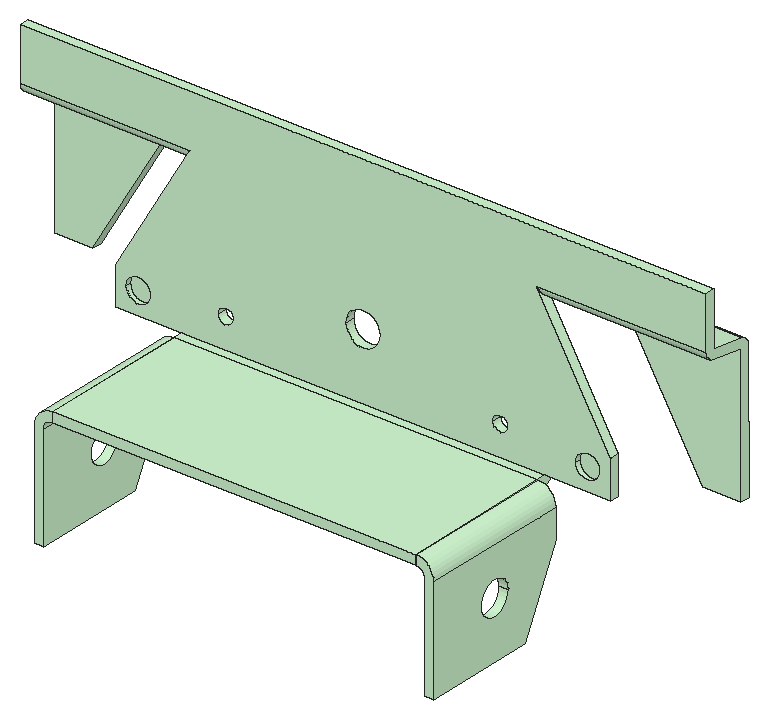
Revit family "ソエルWカバー", category 機械設備, Revit 2020
Family settings
  丸型コネクタ寸法 = 直径を使用
  種別 = なし
  パーツ タイプ = 標準
  作業面ベース = いいえ
  常に垂直 = はい
  ロード時にボイドで切り取り = いいえ
  共有 = いいえ
  部屋計算ポイント = いいえ
Parameters
  製造元 = "株式会社桐井製作所"
  既定の高さ = 0 mm
  URL = "https://www.kirii.co.jp/"
  K_許容荷重(鉛直)(N) = 660
  K_許容荷重(水平)(N) = 250
  K_板厚(mm) = 1.2 mm
  K_材質 = "SGCC"
  K_品名 = "ソエルWカバー"
  K_名称 = "野縁直付天井用クリップ補強金具"
  K_入数 = "100"
  K_バージョン情報 = "20211216"
  K_めっき付着量 = "Z12"
  K_JIS規格 = "JIS G 3302"
Reference planes
  plane 1 "中心(正面/背面)": y = 0
  plane 2: z = 0
  plane 3 "中心(左/右)": x = 0
Forms (mm)
  Extrusion 1, solid
    sketch origin (0, -8.287, 0) x (1, 0, 0) y (0, 0, 1)
      loop
        arc (-23.8, 0) -> (-25.497, -0.703) -> (-26.2, -2.4) r 2.4
        line (-26.2, -2.4) -> (-26.2, -16.2) -> (-25, -16.2) -> (-25, -2.4)
        arc (-25, -2.4) -> (-24.649, -1.551) -> (-23.8, -1.2) r 1.2
        line (-23.8, -1.2) -> (23.8, -1.2)
        arc (23.8, -1.2) -> (24.649, -1.551) -> (25, -2.4) r 1.2
        line (25, -2.4) -> (25, -16.2) -> (26.2, -16.2) -> (26.2, -2.4)
        arc (26.2, -2.4) -> (25.497, -0.703) -> (23.8, 0) r 2.4
        line (23.8, 0) -> (-23.8, 0)
    from -7.087 to 12.913
  Extrusion 2, void
    sketch origin (0, -1.2, 0) x (0, 1, 0) y (0, 0, 1)
      loop
        line (-5, -16.2) -> (0, -16.2) -> (0, -6.2) -> (-5, -16.2)
    from -26.2 to 26.2
  Extrusion 3, solid
    sketch origin (0, -1.2, 0) x (1, 0, 0) y (0, 0, 1)
      loop
        line (45, 28.8) -> (-45, 28.8) -> (-45, 21.8) -> (-22.801, 21.8) -> (-32.5, 5) -> (-32.5, 0) -> (32.5, 0) -> (32.5, 5) -> (22.801, 21.8) -> (45, 21.8) -> (45, 28.8)
    from -2.4 to -1.2
  Extrusion 4, solid
    sketch origin (0, -1.2, 0) x (0, 1, 0) y (0, 0, 1)
      loop
        line (-20, -1.2) -> (1.2, -1.2)
        arc (1.2, -1.2) -> (2.049, -0.849) -> (2.4, 0) r 1.2
        line (2.4, 0) -> (-20, 0) -> (-20, -1.2)
    from -23.8 to 23.807
  Extrusion 5, void
    sketch origin (0, -1.2, 0) x (0, 1, 0) y (0, 0, 1)
      loop
        circle (-10, -8.7) r 2.25
    from 25 to 26.2
  Extrusion 6, void
    sketch origin (0, -1.2, 0) x (0, 1, 0) y (0, 0, 1)
      loop
        circle (-10, -8.7) r 2.25
    from -26.2 to -25
  Extrusion 7, void
    sketch origin (0, -1.2, 0) x (1, 0, 0) y (0, 0, 1)
      loop
        circle (-18, 4) r 1
      loop
        circle (18, 4) r 1
      loop
        circle (0, 8.8) r 2.25
    from -2.4 to -1.2
  Extrusion 8, solid
    sketch origin (0, 0, 0) x (0, 1, 0) y (0, 0, 1)
      loop
        line (6.9, 1.8) -> (6.9, 19.792)
        arc (6.9, 19.792) -> (6.619, 20.564) -> (5.907, 20.974) r 1.2
        line (5.907, 20.974) -> (1.2, 21.8) -> (0, 21.8)
        arc (0, 21.8) -> (0.281, 21.028) -> (0.993, 20.618) r 1.2
        line (0.993, 20.618) -> (5.7, 19.792) -> (5.7, 1.8) -> (6.9, 1.8)
    from -45 to 45
  Extrusion 9, void
    sketch origin (0, 0, 0) x (1, 0, 0) y (0, 0, 1)
      loop
        line (-40, 1.8) -> (40, 1.8) -> (28.453, 21.8) -> (-28.453, 21.8) -> (-40, 1.8)
    from -6.9 to -1.2
  Extrusion 10, void
    sketch origin (0, 0, 0) x (1, 0, 0) y (0, 0, 1)
      loop
        circle (-29.497, 3) r 1.597
      loop
        circle (29.497, 3) r 1.603
    from -0.649 to 0
Cuts and joins
  Extrusion 2, Extrusion 5, Extrusion 6 cuts Extrusion 1
  Extrusion 7, Extrusion 9, Extrusion 10 cuts Extrusion 3
  Extrusion 10 cuts Extrusion 4
  Extrusion 9, Extrusion 10 cuts Extrusion 8
  joined: Extrusion 3, Extrusion 4, Extrusion 8
Dimensions and locks
  aligned and locked: level to plane 2
  aligned and locked: plane 1 "中心(正面/背面)" to Extrusion 10
